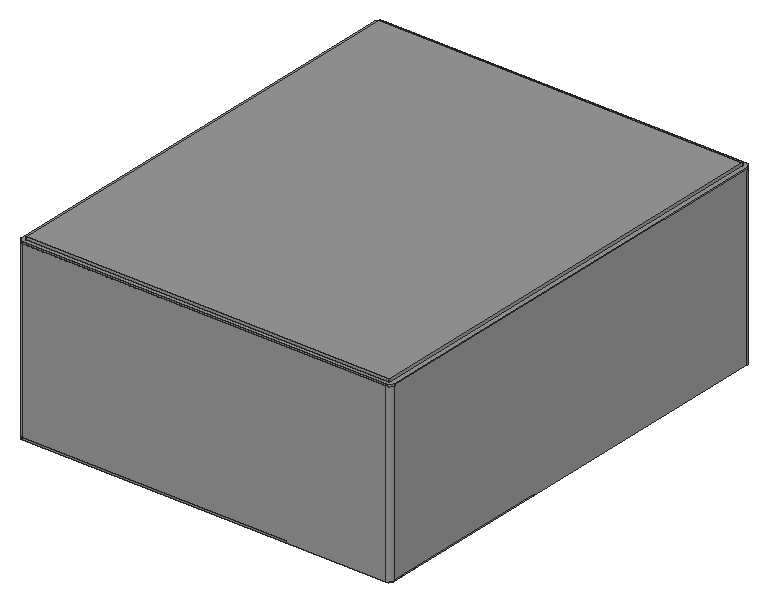
Revit family "Building-SurfaceMountingEnclosures-GEWISS-44CE-JUNCTION-BOXES-WALL-MOUNTING_HIGH_LID", category Apparecchi elettrici, host Superficie, Revit 2016
Family settings
  Host = Superficie
  Mantenere orientamento annotazione = Sì
  Tipo di parte = Normale
  Quota connettore circolare = Usa diametro
  Numero OmniClass = 23.80.30.14.24
  Titolo OmniClass = Junction Boxes
  Taglio con vuoti quando caricato = No
  Condiviso = No
  Punto di calcolo locali = Sì
Parameters (values of type "GW44441 - ENCLOSURE.W.TRASP.LID 460X380X180 IP56")
  distanza dal muro [instance] = 4.208 mm
  Walls = "Smooth"
  Voltaggio_x = 0 V
  Version file RFA = "18.0"
  VISTA DI PIANTA [instance] = yes
  URL = "https://www.gewiss.com/ww/en"
  Type of material = "Halogen-free in compliance with EN 60754-2"
  Torque screws tightening = "1,8NM"
  Thermo-pressure with ball = "110 °C"
  Technical sheet = "https://www.gewiss.com/ww/en/search?q=GW44441"
  Shock resistance = "IK08"
  SEO = "Box"
  Realized by GEWISS S.p.A. = ""
  Produttore = "GEWISS S.p.A."
  Operating temperature = "-25 +60 °C"
  Modello = "GW44441"
  Max Ã˜ holes possible = "48MM"
  Material = "Technopolymer GWPLAST 120"
  Lid screws (no. and type) = "6 insul. sealable hinged"
  Lid colour = "Transparent"
  Lid = "Deep screwed"
  Internal dim. LxHxD (mm) = "460x380x180"
  Insulation class = "II (according to IEC 61140 standards)"
  Immagine tipo = GW44441.jpg
  Scatola = GEWISS - Grigio RAL 7035
  SIMBOLO [instance] = yes
  IP degree = "IP56"
  IDT = "238c3f26-d7fd-486c-9f58-b8ff1378d212"
  IDF = "68665031-5035-41bd-8052-329dc6ddcf46"
  Glow Wire Test = "650°C"
  GEWISS SCHEDA TECNICA = "http://pro.gewiss.com/irj/servlet/prt/portal/prtroot/com.gewiss.catalog.search.ProductST2?codProd=GW44441"
  Electrocod = "0231"
  EAN code = "8011564014206"
  Distanza orizzontale simbolo [instance] = 128.45 mm
  Default Elevation = 1219.2 mm
  Lunghezza_interna = 380 mm
  Larghezza_interna = 460 mm
  Spessore = 180 mm
  Dettaglio = Eemento di dettaglio - 44CE : 460x380x120
  Descrizione = "ENCLOSURE.W.TRASP.LID 460X380X180 IP56"
  Coperchio = GEWISS COPERCHIO TRASPARENTE
  Colour = "Grey RAL 7035"
  Classificazione = Other
  Catalogue Range = "44 CE"
  Catalogue = "BUILDING"
  Carico apparente = 0 VA
  CORNICE SIMBOLO [instance] = yes
  COBie.Tagnumber = ""
  COBie.CreatedOn = ""
  COBie.CreatebBy = ""
  COBie.ComponentRegisterItemID = ""
  COBie.Component.TagNumber = ""
  COBie.Component.Space = ""
  COBie.Component.SerialNumber = ""
  COBie.Component.InstallationDate = ""
  COBie.Component.Description = ""
  COBie.Component.BarCode = ""
  Application = "Industrial uses"
  Accessories for insulation restoring = "GW44621"
Reference planes
  plane 1 "Centro (Fronte/Retro)": y = 0
  plane 2 "base muro": z = 0
  plane 3 "Centro (Sinistra/Destra)": x = 0
  plane 4: x = -191.081
  plane 5: y = 231.081
  plane 6: x = 191.081
  plane 7: y = -231.081
  plane 8: z = 1.5
  plane 9: y = 230
  plane 10: x = -190
  plane 11: y = -230
  plane 12: x = 190
  plane 13: y = 235.081
  plane 14: x = 195.081
  plane 15: y = -235.081
  plane 16: x = -195.081
  plane 17: z = 180
  plane 18: z = 184.056
  plane 19: x = -128.45
Forms (mm)
  Extrusion 1, solid, material "GEWISS - Grigio RAL 7035" <- "Scatola"
    sketch origin (0, 0, 0) x (1, 0, 0) y (0, 1, 0)
      loop
        arc (-185.934, 231.081) -> (-189.573, 229.573) -> (-191.081, 225.934) r 5.147
        line (-191.081, 225.934) -> (-191.081, -225.934)
        arc (-191.081, -225.934) -> (-189.573, -229.573) -> (-185.934, -231.081) r 5.147
        line (-185.934, -231.081) -> (185.934, -231.081)
        arc (185.934, -231.081) -> (189.573, -229.573) -> (191.081, -225.934) r 5.147
        line (191.081, -225.934) -> (191.081, 225.934)
        arc (191.081, 225.934) -> (189.573, 229.573) -> (185.934, 231.081) r 5.147
        line (185.934, 231.081) -> (-185.934, 231.081)
      loop
        arc (-185.934, 230) -> (-188.809, 228.809) -> (-190, 225.934) r 4.066
        line (-190, 225.934) -> (-190, -225.934)
        arc (-190, -225.934) -> (-188.809, -228.809) -> (-185.934, -230) r 4.066
        line (-185.934, -230) -> (185.936, -230)
        arc (185.936, -230) -> (188.81, -228.809) -> (190.001, -225.935) r 4.065
        line (190.001, -225.935) -> (190.001, 225.934)
        arc (190.001, 225.934) -> (188.81, 228.809) -> (185.934, 230) r 4.066
        line (185.934, 230) -> (-185.934, 230)
    from 0 to 180
  Extrusion 2, solid, material "GEWISS COPERCHIO TRASPARENTE" <- "Coperchio"
    sketch origin (0, 0, 0) x (1, 0, 0) y (0, 1, 0)
      loop
        line (-185.934, -231.081) -> (185.934, -231.081)
        arc (185.934, -231.081) -> (189.573, -229.573) -> (191.081, -225.934) r 5.147
        line (191.081, -225.934) -> (191.081, 225.934)
        arc (191.081, 225.934) -> (189.573, 229.573) -> (185.934, 231.081) r 5.147
        line (185.934, 231.081) -> (-185.934, 231.081)
        arc (-185.934, 231.081) -> (-189.573, 229.573) -> (-191.081, 225.934) r 5.147
        line (-191.081, 225.934) -> (-191.081, -225.934)
        arc (-191.081, -225.934) -> (-189.573, -229.573) -> (-185.934, -231.081) r 5.147
    from 0 to 1.5
  Extrusion 3, solid, material "GEWISS COPERCHIO TRASPARENTE" <- "Coperchio"
    sketch origin (0, 0, 0) x (1, 0, 0) y (0, 1, 0)
      loop
        arc (-185.934, 231.081) -> (-189.573, 229.573) -> (-191.081, 225.934) r 5.147
        line (-191.081, 225.934) -> (-191.081, -225.934)
        arc (-191.081, -225.934) -> (-189.573, -229.573) -> (-185.934, -231.081) r 5.147
        line (-185.934, -231.081) -> (185.934, -231.081)
        arc (185.934, -231.081) -> (189.573, -229.573) -> (191.081, -225.934) r 5.147
        line (191.081, -225.934) -> (191.081, 225.934)
        arc (191.081, 225.934) -> (189.573, 229.573) -> (185.934, 231.081) r 5.147
        line (185.934, 231.081) -> (-185.934, 231.081)
    from 180 to 184.056
  Sweep 4, void
    path in 3D
      loop
        line (-191.081, -225.934, 184.056) -> (-191.081, 225.934, 184.056)
        arc (-191.081, 225.934, 184.056) -> (-189.573, 229.573, 184.056) -> (-185.934, 231.081, 184.056) r 5.147
        line (-185.934, 231.081, 184.056) -> (185.934, 231.081, 184.056)
        arc (185.934, 231.081, 184.056) -> (189.573, 229.573, 184.056) -> (191.081, 225.934, 184.056) r 5.147
        line (191.081, 225.934, 184.056) -> (191.081, -225.934, 184.056)
        arc (191.081, -225.934, 184.056) -> (189.573, -229.573, 184.056) -> (185.934, -231.081, 184.056) r 5.147
        line (185.934, -231.081, 184.056) -> (-185.934, -231.081, 184.056)
        arc (-185.934, -231.081, 184.056) -> (-189.573, -229.573, 184.056) -> (-191.081, -225.934, 184.056) r 5.147
    profile origin (-189.573, -229.573, 184.056) x (-0.707107, -0.707107, 0) y (0, 0, 1)
      loop
        line (1.608, 0) -> (-4.763, 0) -> (-4.763, -2.556) -> (1.608, -2.556) -> (1.608, 0)
Cuts and joins
  Sweep 4 cuts Extrusion 1
  Sweep 4 cuts Extrusion 3
Lines and regions (mm)
  Masking region 1, visible <- "VISTA DI PIANTA"
    outline origin (0, 0, 0) x (1, 0, 0) y (0, 0, 1)
      loop
        line (-191.081, 184.056) -> (-191.081, 0) -> (191.081, 0) -> (191.081, 184.056) -> (-191.081, 184.056)
  Masking region 2
    outline origin (0, 0, 0) x (0, 1, 0) y (0, 0, 1)
      loop
        line (-231.081, 0) -> (231.081, 0) -> (231.081, 184.056) -> (-231.081, 184.056) -> (-231.081, 0)
  sketch lines
    curve 1: arc (-185.934, -231.081, 184.056) -> (-189.573, -229.573, 184.056) -> (-191.081, -225.934, 184.056) r 5.147
    curve 2: line (-185.934, -231.081, 184.056) -> (185.934, -231.081, 184.056)
    curve 3: line (-191.081, 225.934, 184.056) -> (-191.081, -225.934, 184.056)
    curve 4: arc (191.081, -225.934, 184.056) -> (189.573, -229.573, 184.056) -> (185.934, -231.081, 184.056) r 5.147
    curve 5: line (191.081, -225.934, 184.056) -> (191.081, 225.934, 184.056)
    curve 6: line (185.934, 231.081, 184.056) -> (-185.934, 231.081, 184.056)
    curve 7: arc (185.934, 231.081, 184.056) -> (189.573, 229.573, 184.056) -> (191.081, 225.934, 184.056) r 5.147
    curve 8: arc (-191.081, 225.934, 184.056) -> (-189.573, 229.573, 184.056) -> (-185.934, 231.081, 184.056) r 5.147
Dimensions and locks
  locked: plane 8 to plane 2 "base muro" at 1.5
  locked: plane 4 to plane 10 at 1.081
  locked: plane 5 to plane 9 at 1.081
  locked: plane 11 to plane 7 at 1.081
  locked: plane 12 to plane 6 at 1.081
  locked: plane 7 to plane 15 at 4
  locked: plane 16 to plane 4 at 4
  locked: plane 6 to plane 14 at 4
  locked: plane 13 to plane 5 at 4
  equal spacing: plane 10, plane 3 "Centro (Sinistra/Destra)", plane 12
  "Lunghezza_interna": plane 10 to plane 12
  equal spacing: plane 9, plane 1 "Centro (Fronte/Retro)", plane 11
  "Larghezza_interna": plane 9 to plane 11
  nested 1 to nested 1 = 397.073 mm
  "Spessore": plane 17 to plane 2 "base muro"
  locked: plane 18 to plane 17 at 4.056
  locked: Sweep 4 sketch curve to plane 17 at 1.5
  "Distanza orizzontale simbolo": plane 19 to plane 3 "Centro (Sinistra/Destra)"
  aligned and locked: plane 2 "base muro" to host face
  aligned and locked: level to host face
  aligned and locked: Extrusion 1 sketch curve to plane 5
  aligned and locked: Extrusion 1 sketch curve to plane 4
  aligned and locked: Extrusion 1 sketch curve to plane 7
  aligned and locked: Extrusion 1 sketch curve to plane 6
  aligned and locked: Extrusion 1 sketch curve to plane 9
  aligned and locked: Extrusion 1 sketch curve to plane 10
  aligned and locked: Extrusion 1 sketch curve to plane 11
  aligned and locked: Extrusion 2 sketch curve to plane 7
  aligned and locked: Extrusion 2 sketch curve to plane 4
  aligned and locked: Extrusion 2 sketch curve to plane 5
  aligned and locked: Extrusion 2 sketch curve to plane 6
  aligned and locked: Extrusion 2 to plane 2 "base muro"
  aligned and locked: plane 8 to Extrusion 2
  aligned and locked: plane 17 to Extrusion 1
  aligned and locked: Extrusion 1 to plane 2 "base muro"
  aligned and locked: Extrusion 3 sketch curve to plane 5
  aligned and locked: Extrusion 3 sketch curve to plane 4
  aligned and locked: Extrusion 3 sketch curve to plane 6
  aligned and locked: Extrusion 3 sketch curve to plane 7
  aligned and locked: Extrusion 3 to Extrusion 1
  aligned and locked: plane 18 to Extrusion 3
  aligned and locked: Masking region 1 sketch curve to plane 18
  aligned and locked: Masking region 1 sketch curve to plane 4
  aligned and locked: Masking region 1 sketch curve to Extrusion 2
  aligned and locked: Masking region 1 sketch curve to cut or joined group of Extrusion 1, Sweep 4
  aligned and locked: Masking region 2 sketch curve to Extrusion 2
  aligned and locked: Masking region 2 sketch curve to cut or joined group of Extrusion 1, Sweep 4
  aligned and locked: plane 18 to Masking region 2 sketch curve
  aligned and locked: plane 5 to Masking region 2 sketch curve
  aligned and locked: plane 19 to nested 2
Automatic sketch dimensions
  host sketch curve to host sketch curve = 2438.4 mm  (x2)
  Extrusion 1 sketch curve to plane 4 = 5.147 mm  (x2)
  plane 6 to Extrusion 1 sketch curve = 5.147 mm
  Extrusion 1 sketch curve to plane 5 = 5.147 mm
  Extrusion 1 sketch curve to Extrusion 1 sketch curve = 0 mm  (x2)
  Extrusion 1 sketch curve to Extrusion 1 sketch curve = 0.001 mm  (x2)
  Extrusion 1 sketch curve to plane 9 = 4.066 mm
  Extrusion 2 sketch curve to plane 9 = 4.066 mm  (x2)
  plane 11 to Extrusion 2 sketch curve = 4.066 mm  (x2)
  plane 11 to Extrusion 3 sketch curve = 4.066 mm  (x2)
  Extrusion 3 sketch curve to plane 9 = 4.066 mm  (x2)
  profile plane to Sweep 4 sketch curve = 0 mm
  profile plane to Sweep 4 sketch curve = 4.763 mm
  Sweep 4 sketch curve to profile plane = 1.608 mm
Nested families
  nested 1: "Eemento di dettaglio - 44CE" at (0, 0, 0), a setting <- "Dettaglio", type "460x380x120"
  nested 2: "CASSDERIVAZPAR" at (-128.45, 193.362, 0), BORDO ACCESO <- "CORNICE SIMBOLO", Distanza dal muro <- "distanza dal muro", SIMBOLO ACCESO <- "SIMBOLO", type "CASSETTA"
    with Distanza dal muro 4.208 mm, BORDO ACCESO yes
Connectors
  electrical at (0, 0, 1.5), driven by "Classificazione", driven by "Voltaggio_x", driven by "Carico apparente"
    settings: on Extrusion 2, index 1, voltage 0 V, apparent load 0 VA, apparent load phase1 0 VA, apparent load phase2 0 VA, apparent load phase3 0 VA, power factor 1, load classification "Other", number of poles 1, system type 31, power factor state 1, is connector primary yes, connector utility no, sub classification motor no, connector description ""
Definition of nested family "Eemento di dettaglio - 44CE"
  Parameters (values of type "100x100x50")
    460x380x120 = no
    380x300x120 = no
    300x220x120 = no
    240x190x90 = no
    190x140x70 = no
    150x110x70 = no
    120x80x50 = no
    100x100x50 = yes
  Types (8, lengths in mm): name | 460x380x120 | 380x300x120 | 300x220x120 | 240x190x90 | 190x140x70 | 150x110x70 | 120x80x50 | 100x100x50
    460x380x120 | yes | no | no | no | no | no | no | no
    380x300x120 | no | yes | no | no | no | no | no | no
    300x220x120 | no | no | yes | no | no | no | no | no
    240x190x90 | no | no | no | yes | no | no | no | no
    190x140x70 | no | no | no | no | yes | no | no | no
    150x110x70 | no | no | no | no | no | yes | no | no
    120x80x50 | no | no | no | no | no | no | yes | no
    100x100x50 | no | no | no | no | no | no | no | yes
  Reference planes
    plane 1 "Centro (Fronte/Retro)": y = 0
    plane 2: z = 0
    plane 3 "Centro (Sinistra/Destra)": x = 0
  Lines and regions (mm)
    detail lines, in view "Livello rif.", visible <- "100x100x50"
      curve 1: line (0, 60.141, 0) -> (0, -88.771, 0)
      curve 2: line (-63.445, 0, 0) -> (60.048, 0, 0)
      curve 7: arc (47.673, -51.15, 0) -> (52.489, -49.155, 0) -> (54.484, -44.339, 0) r 6.81
      curve 8: arc (-54.484, -44.339, 0) -> (-52.489, -49.155, 0) -> (-47.673, -51.15, 0) r 6.81
      curve 9: arc (54.484, 44.121, 0) -> (52.489, 48.937, 0) -> (47.673, 50.931, 0) r 6.81
      curve 10: arc (-47.673, 50.931, 0) -> (-52.489, 48.937, 0) -> (-54.484, 44.121, 0) r 6.81
      curve 31: line (-54.484, 44.121, 0) -> (-54.484, -44.339, 0)
      curve 32: line (-47.673, 50.931, 0) -> (47.673, 50.931, 0)
      curve 33: line (-47.673, -51.15, 0) -> (47.673, -51.15, 0)
      curve 34: line (54.484, 44.121, 0) -> (54.484, -44.339, 0)
      curve 355: line (0, 60.141, 0) -> (0, -88.771, 0)
      curve 356: line (-63.445, 0, 0) -> (60.048, 0, 0)
      curve 361: arc (47.673, -51.15, 0) -> (52.489, -49.155, 0) -> (54.484, -44.339, 0) r 6.81
      curve 362: arc (-54.484, -44.339, 0) -> (-52.489, -49.155, 0) -> (-47.673, -51.15, 0) r 6.81
      curve 363: arc (54.484, 44.121, 0) -> (52.489, 48.937, 0) -> (47.673, 50.931, 0) r 6.81
      curve 364: arc (-47.673, 50.931, 0) -> (-52.489, 48.937, 0) -> (-54.484, 44.121, 0) r 6.81
      curve 385: line (-54.484, 44.121, 0) -> (-54.484, -44.339, 0)
      curve 386: line (-47.673, 50.931, 0) -> (47.673, 50.931, 0)
      curve 387: line (-47.673, -51.15, 0) -> (47.673, -51.15, 0)
      curve 388: line (54.484, 44.121, 0) -> (54.484, -44.339, 0)
    detail lines, in view "Livello rif.", visible <- "100x100x50", detail levels medium+fine
      curve 3: circle (30.052, -30.718, 0) r 6.81 normal (0, 0, 1)
      curve 4: circle (30.052, 30.5, 0) r 6.81 normal (0, 0, 1)
      curve 5: circle (-30.052, -30.718, 0) r 6.81 normal (0, 0, 1)
      curve 6: circle (-30.052, 30.5, 0) r 6.81 normal (0, 0, 1)
      curve 11: circle (30.052, 30.5, 0) r 4 normal (0, 0, 1)
      curve 12: circle (-30.052, 30.5, 0) r 4 normal (0, 0, 1)
      curve 13: circle (-30.052, -30.718, 0) r 4 normal (0, 0, 1)
      curve 14: circle (30.052, -30.718, 0) r 4 normal (0, 0, 1)
      curve 15: line (23.242, -23.908, 0) -> (23.242, 23.69, 0)
      curve 16: line (23.242, 23.69, 0) -> (25.237, 25.684, 0)
      curve 17: line (25.237, -25.902, 0) -> (23.242, -23.908, 0)
      curve 18: line (23.242, -23.908, 0) -> (-23.242, -23.908, 0)
      curve 19: line (-23.242, -23.908, 0) -> (-25.237, -25.902, 0)
      curve 20: line (23.242, 23.69, 0) -> (-23.242, 23.69, 0)
      curve 21: line (-23.242, 23.69, 0) -> (-25.237, 25.684, 0)
      curve 22: line (-23.242, -30.718, 0) -> (23.242, -30.718, 0)
      curve 23: line (-30.052, -37.529, 0) -> (30.052, -37.529, 0)
      curve 24: line (-30.052, 37.31, 0) -> (30.052, 37.31, 0)
      curve 25: line (-23.242, 30.5, 0) -> (23.242, 30.5, 0)
      curve 26: line (36.863, 30.5, 0) -> (36.863, -30.718, 0)
      curve 27: line (30.052, 23.69, 0) -> (30.052, -23.908, 0)
      curve 28: line (-36.863, 30.5, 0) -> (-36.863, -30.718, 0)
      curve 29: line (-30.052, 23.69, 0) -> (-30.052, -23.908, 0)
      curve 30: line (-23.242, 23.69, 0) -> (-23.242, -23.908, 0)
      curve 357: circle (30.052, -30.718, 0) r 6.81 normal (0, 0, 1)
      curve 358: circle (30.052, 30.5, 0) r 6.81 normal (0, 0, 1)
      curve 359: circle (-30.052, -30.718, 0) r 6.81 normal (0, 0, 1)
      curve 360: circle (-30.052, 30.5, 0) r 6.81 normal (0, 0, 1)
      curve 365: circle (30.052, 30.5, 0) r 4 normal (0, 0, 1)
      curve 366: circle (-30.052, 30.5, 0) r 4 normal (0, 0, 1)
      curve 367: circle (-30.052, -30.718, 0) r 4 normal (0, 0, 1)
      curve 368: circle (30.052, -30.718, 0) r 4 normal (0, 0, 1)
      curve 369: line (23.242, -23.908, 0) -> (23.242, 23.69, 0)
      curve 370: line (23.242, 23.69, 0) -> (25.237, 25.684, 0)
      curve 371: line (25.237, -25.902, 0) -> (23.242, -23.908, 0)
      curve 372: line (23.242, -23.908, 0) -> (-23.242, -23.908, 0)
      curve 373: line (-23.242, -23.908, 0) -> (-25.237, -25.902, 0)
      curve 374: line (23.242, 23.69, 0) -> (-23.242, 23.69, 0)
      curve 375: line (-23.242, 23.69, 0) -> (-25.237, 25.684, 0)
      curve 376: line (-23.242, -30.718, 0) -> (23.242, -30.718, 0)
      curve 377: line (-30.052, -37.529, 0) -> (30.052, -37.529, 0)
      curve 378: line (-30.052, 37.31, 0) -> (30.052, 37.31, 0)
      curve 379: line (-23.242, 30.5, 0) -> (23.242, 30.5, 0)
      curve 380: line (36.863, 30.5, 0) -> (36.863, -30.718, 0)
      curve 381: line (30.052, 23.69, 0) -> (30.052, -23.908, 0)
      curve 382: line (-36.863, 30.5, 0) -> (-36.863, -30.718, 0)
      curve 383: line (-30.052, 23.69, 0) -> (-30.052, -23.908, 0)
      curve 384: line (-23.242, 23.69, 0) -> (-23.242, -23.908, 0)
    detail lines, in view "Livello rif.", visible <- "120x80x50"
      curve 35: line (0, 79.202, 0) -> (0, -69.71, 0)
      curve 36: line (-55.36, 0, 0) -> (68.133, 0, 0)
      curve 41: arc (33.758, -61.541, 0) -> (38.574, -59.546, 0) -> (40.569, -54.73, 0) r 6.81
      curve 42: arc (-46.399, -54.73, 0) -> (-44.404, -59.546, 0) -> (-39.589, -61.541, 0) r 6.81
      curve 43: arc (40.569, 54.73, 0) -> (38.574, 59.546, 0) -> (33.758, 61.541, 0) r 6.81
      curve 44: arc (-39.589, 61.541, 0) -> (-44.404, 59.546, 0) -> (-46.399, 54.73, 0) r 6.81
      curve 61: line (-46.399, 54.73, 0) -> (-46.399, -54.73, 0)
      curve 62: line (-39.589, 61.541, 0) -> (33.758, 61.541, 0)
      curve 63: line (-39.589, -61.541, 0) -> (33.758, -61.541, 0)
      curve 64: line (40.569, 54.73, 0) -> (40.569, -54.73, 0)
      curve 389: line (228.822, 77.497, 0) -> (228.822, -71.416, 0)
      curve 390: line (173.462, -1.705, 0) -> (296.955, -1.705, 0)
      curve 395: arc (262.58, -63.246, 0) -> (267.396, -61.251, 0) -> (269.391, -56.435, 0) r 6.81
      curve 396: arc (182.423, -56.435, 0) -> (184.418, -61.251, 0) -> (189.234, -63.246, 0) r 6.81
      curve 397: arc (269.391, 53.025, 0) -> (267.396, 57.841, 0) -> (262.58, 59.835, 0) r 6.81
      curve 398: arc (189.234, 59.835, 0) -> (184.418, 57.841, 0) -> (182.423, 53.025, 0) r 6.81
      curve 415: line (182.423, 53.025, 0) -> (182.423, -56.435, 0)
      curve 416: line (189.234, 59.835, 0) -> (262.58, 59.835, 0)
      curve 417: line (189.234, -63.246, 0) -> (262.58, -63.246, 0)
      curve 418: line (269.391, 53.025, 0) -> (269.391, -56.435, 0)
    detail lines, in view "Livello rif.", visible <- "120x80x50", detail levels medium+fine
      curve 37: circle (20.032, -41.109, 0) r 6.81 normal (0, 0, 1)
      curve 38: circle (20.032, 41.109, 0) r 6.81 normal (0, 0, 1)
      curve 39: circle (-21.968, -41.109, 0) r 6.81 normal (0, 0, 1)
      curve 40: circle (-21.968, 41.109, 0) r 6.81 normal (0, 0, 1)
      curve 45: line (15.217, -36.293, 0) -> (13.222, -34.299, 0)
      curve 46: line (13.222, -34.299, 0) -> (13.222, 34.299, 0)
      curve 47: line (13.222, 34.299, 0) -> (15.217, 36.293, 0)
      curve 48: line (13.222, -34.299, 0) -> (-15.157, -34.299, 0)
      curve 49: line (-15.157, -34.299, 0) -> (-17.152, -36.293, 0)
      curve 50: line (13.222, 34.299, 0) -> (-15.157, 34.299, 0)
      curve 51: line (-15.157, 34.299, 0) -> (-17.152, 36.293, 0)
      curve 52: line (-15.157, -41.109, 0) -> (13.222, -41.109, 0)
      curve 53: line (-21.968, -47.92, 0) -> (20.032, -47.92, 0)
      curve 54: line (-21.968, 47.92, 0) -> (20.032, 47.92, 0)
      curve 55: line (-15.157, 41.109, 0) -> (13.222, 41.109, 0)
      curve 56: line (26.843, 41.109, 0) -> (26.843, -41.109, 0)
      curve 57: line (20.032, 34.299, 0) -> (20.032, -34.299, 0)
      curve 58: line (-28.778, 41.109, 0) -> (-28.778, -41.109, 0)
      curve 59: line (-21.968, 34.299, 0) -> (-21.968, -34.299, 0)
      curve 60: line (-15.157, 34.299, 0) -> (-15.157, -34.299, 0)
      curve 65: circle (20.032, 41.109, 0) r 4 normal (0, 0, 1)
      curve 66: circle (-21.968, 41.109, 0) r 4 normal (0, 0, 1)
      curve 67: circle (-21.968, -41.109, 0) r 4 normal (0, 0, 1)
      curve 68: circle (20.032, -41.109, 0) r 4 normal (0, 0, 1)
      curve 391: circle (248.855, -42.814, 0) r 6.81 normal (0, 0, 1)
      curve 392: circle (248.855, 39.404, 0) r 6.81 normal (0, 0, 1)
      curve 393: circle (206.855, -42.814, 0) r 6.81 normal (0, 0, 1)
      curve 394: circle (206.855, 39.404, 0) r 6.81 normal (0, 0, 1)
      curve 399: line (244.039, -37.998, 0) -> (242.044, -36.004, 0)
      curve 400: line (242.044, -36.004, 0) -> (242.044, 32.594, 0)
      curve 401: line (242.044, 32.594, 0) -> (244.039, 34.588, 0)
      curve 402: line (242.044, -36.004, 0) -> (213.665, -36.004, 0)
      curve 403: line (213.665, -36.004, 0) -> (211.67, -37.998, 0)
      curve 404: line (242.044, 32.594, 0) -> (213.665, 32.594, 0)
      curve 405: line (213.665, 32.594, 0) -> (211.67, 34.588, 0)
      curve 406: line (213.665, -42.814, 0) -> (242.044, -42.814, 0)
      curve 407: line (206.855, -49.625, 0) -> (248.855, -49.625, 0)
      curve 408: line (206.855, 46.214, 0) -> (248.855, 46.214, 0)
      curve 409: line (213.665, 39.404, 0) -> (242.044, 39.404, 0)
      curve 410: line (255.665, 39.404, 0) -> (255.665, -42.814, 0)
      curve 411: line (248.855, 32.594, 0) -> (248.855, -36.004, 0)
      curve 412: line (200.044, 39.404, 0) -> (200.044, -42.814, 0)
      curve 413: line (206.855, 32.594, 0) -> (206.855, -36.004, 0)
      curve 414: line (213.665, 32.594, 0) -> (213.665, -36.004, 0)
      curve 419: circle (248.855, 39.404, 0) r 4 normal (0, 0, 1)
      curve 420: circle (206.855, 39.404, 0) r 4 normal (0, 0, 1)
      curve 421: circle (206.855, -42.814, 0) r 4 normal (0, 0, 1)
      curve 422: circle (248.855, -42.814, 0) r 4 normal (0, 0, 1)
    detail lines, in view "Livello rif.", visible <- "150x110x70", detail levels medium+fine
      curve 69: circle (36.632, -56.109, 0) r 6.81 normal (0, 0, 1)
      curve 70: circle (36.632, 56.109, 0) r 6.81 normal (0, 0, 1)
      curve 71: circle (-35.368, -56.109, 0) r 6.81 normal (0, 0, 1)
      curve 72: circle (-35.368, 56.109, 0) r 6.81 normal (0, 0, 1)
      curve 77: circle (36.632, 56.109, 0) r 4 normal (0, 0, 1)
      curve 78: circle (-35.368, 56.109, 0) r 4 normal (0, 0, 1)
      curve 79: circle (-35.368, -56.109, 0) r 4 normal (0, 0, 1)
      curve 80: circle (36.632, -56.109, 0) r 4 normal (0, 0, 1)
      curve 81: line (29.822, -49.299, 0) -> (29.822, 49.299, 0)
      curve 82: line (29.822, 49.299, 0) -> (31.816, 51.293, 0)
      curve 83: line (31.816, -51.293, 0) -> (29.822, -49.299, 0)
      curve 84: line (29.822, -49.299, 0) -> (-28.557, -49.299, 0)
      curve 85: line (-28.557, -49.299, 0) -> (-30.552, -51.293, 0)
      curve 86: line (29.822, 49.299, 0) -> (-28.557, 49.299, 0)
      curve 87: line (-28.557, 49.299, 0) -> (-30.552, 51.293, 0)
      curve 88: line (-28.557, -56.109, 0) -> (29.822, -56.109, 0)
      curve 89: line (-35.368, -62.92, 0) -> (36.632, -62.92, 0)
      curve 90: line (-35.368, 62.92, 0) -> (36.632, 62.92, 0)
      curve 91: line (-28.557, 56.109, 0) -> (29.822, 56.109, 0)
      curve 92: line (43.443, 56.109, 0) -> (43.443, -56.109, 0)
      curve 93: line (36.632, 49.299, 0) -> (36.632, -49.299, 0)
      curve 94: line (-42.178, 56.109, 0) -> (-42.178, -56.109, 0)
      curve 95: line (-35.368, 49.299, 0) -> (-35.368, -49.299, 0)
      curve 96: line (-28.557, 49.299, 0) -> (-28.557, -49.299, 0)
      curve 423: circle (471.48, -55.613, 0) r 6.81 normal (0, 0, 1)
      curve 424: circle (471.48, 56.606, 0) r 6.81 normal (0, 0, 1)
      curve 425: circle (399.48, -55.613, 0) r 6.81 normal (0, 0, 1)
      curve 426: circle (399.48, 56.606, 0) r 6.81 normal (0, 0, 1)
      curve 431: circle (471.48, 56.606, 0) r 4 normal (0, 0, 1)
      curve 432: circle (399.48, 56.606, 0) r 4 normal (0, 0, 1)
      curve 433: circle (399.48, -55.613, 0) r 4 normal (0, 0, 1)
      curve 434: circle (471.48, -55.613, 0) r 4 normal (0, 0, 1)
      curve 435: line (464.67, -48.802, 0) -> (464.67, 49.795, 0)
      curve 436: line (464.67, 49.795, 0) -> (466.664, 51.79, 0)
      curve 437: line (466.664, -50.797, 0) -> (464.67, -48.802, 0)
      curve 438: line (464.67, -48.802, 0) -> (406.291, -48.802, 0)
      curve 439: line (406.291, -48.802, 0) -> (404.296, -50.797, 0)
      curve 440: line (464.67, 49.795, 0) -> (406.291, 49.795, 0)
      curve 441: line (406.291, 49.795, 0) -> (404.296, 51.79, 0)
      curve 442: line (406.291, -55.613, 0) -> (464.67, -55.613, 0)
      curve 443: line (399.48, -62.423, 0) -> (471.48, -62.423, 0)
      curve 444: line (399.48, 63.416, 0) -> (471.48, 63.416, 0)
      curve 445: line (406.291, 56.606, 0) -> (464.67, 56.606, 0)
      curve 446: line (478.291, 56.606, 0) -> (478.291, -55.613, 0)
      curve 447: line (471.48, 49.795, 0) -> (471.48, -48.802, 0)
      curve 448: line (392.67, 56.606, 0) -> (392.67, -55.613, 0)
      curve 449: line (399.48, 49.795, 0) -> (399.48, -48.802, 0)
      curve 450: line (406.291, 49.795, 0) -> (406.291, -48.802, 0)
    detail lines, in view "Livello rif.", visible <- "150x110x70"
      curve 73: arc (50.358, -76.541, 0) -> (55.174, -74.546, 0) -> (57.168, -69.73, 0) r 6.81
      curve 74: arc (-59.799, -69.73, 0) -> (-57.805, -74.546, 0) -> (-52.989, -76.541, 0) r 6.81
      curve 75: arc (57.168, 69.73, 0) -> (55.174, 74.546, 0) -> (50.358, 76.541, 0) r 6.81
      curve 76: arc (-52.989, 76.541, 0) -> (-57.805, 74.546, 0) -> (-59.799, 69.73, 0) r 6.81
      curve 97: line (-59.799, 69.73, 0) -> (-59.799, -69.73, 0)
      curve 98: line (-52.989, 76.541, 0) -> (50.358, 76.541, 0)
      curve 99: line (-52.989, -76.541, 0) -> (50.358, -76.541, 0)
      curve 100: line (57.168, 69.73, 0) -> (57.168, -69.73, 0)
      curve 427: arc (485.206, -76.044, 0) -> (490.022, -74.049, 0) -> (492.016, -69.233, 0) r 6.81
      curve 428: arc (375.049, -69.233, 0) -> (377.043, -74.049, 0) -> (381.859, -76.044, 0) r 6.81
      curve 429: arc (492.016, 70.227, 0) -> (490.022, 75.042, 0) -> (485.206, 77.037, 0) r 6.81
      curve 430: arc (381.859, 77.037, 0) -> (377.043, 75.042, 0) -> (375.049, 70.227, 0) r 6.81
      curve 451: line (375.049, 70.227, 0) -> (375.049, -69.233, 0)
      curve 452: line (381.859, 77.037, 0) -> (485.206, 77.037, 0)
      curve 453: line (381.859, -76.044, 0) -> (485.206, -76.044, 0)
      curve 454: line (492.016, 70.227, 0) -> (492.016, -69.233, 0)
    detail lines, in view "Livello rif.", visible <- "190x140x70"
      curve 101: line (-109.941, 0, 0) -> (93.311, 0, 0)
      curve 102: arc (70.217, -97.061, 0) -> (75.809, -94.752, 0) -> (78.126, -89.163, 0) r 7.899
      curve 103: arc (-78.126, -89.163, 0) -> (-75.817, -94.744, 0) -> (-70.239, -97.061, 0) r 7.899
      curve 107: arc (-70.228, 100.939, 0) -> (-75.813, 98.625, 0) -> (-78.126, 93.04, 0) r 7.899
      curve 108: arc (78.126, 93.04, 0) -> (75.813, 98.625, 0) -> (70.228, 100.939, 0) r 7.899
      curve 116: line (-78.126, 93.04, 0) -> (-78.126, -89.163, 0)
      curve 127: line (78.126, 93.04, 0) -> (78.126, -89.163, 0)
      curve 128: line (-70.239, -97.061, 0) -> (70.217, -97.061, 0)
      curve 133: line (-70.228, 100.939, 0) -> (70.228, 100.939, 0)
      curve 455: line (594.421, -0.426, 0) -> (797.673, -0.426, 0)
      curve 456: arc (774.579, -97.487, 0) -> (780.171, -95.178, 0) -> (782.489, -89.589, 0) r 7.899
      curve 457: arc (626.236, -89.589, 0) -> (628.545, -95.17, 0) -> (634.123, -97.487, 0) r 7.899
      curve 461: arc (634.134, 100.513, 0) -> (628.549, 98.199, 0) -> (626.236, 92.614, 0) r 7.899
      curve 462: arc (782.489, 92.614, 0) -> (780.175, 98.199, 0) -> (774.59, 100.513, 0) r 7.899
      curve 470: line (626.236, 92.614, 0) -> (626.236, -89.589, 0)
      curve 481: line (782.489, 92.614, 0) -> (782.489, -89.589, 0)
      curve 482: line (634.123, -97.487, 0) -> (774.579, -97.487, 0)
      curve 487: line (634.134, 100.513, 0) -> (774.59, 100.513, 0)
    detail lines, in view "Livello rif.", visible <- "190x140x70", detail levels medium+fine
      curve 104: circle (49, -72, 0) r 7.899 normal (0, 0, 1)
      curve 105: circle (-49, -72, 0) r 7.899 normal (0, 0, 1)
      curve 106: circle (-49, 72, 0) r 7.899 normal (0, 0, 1)
      curve 109: circle (49, 72, 0) r 8 normal (0, 0, 1)
      curve 110: circle (49, 72, 0) r 4 normal (0, 0, 1)
      curve 111: circle (-49, 72, 0) r 4 normal (0, 0, 1)
      curve 112: circle (-49, -72, 0) r 4 normal (0, 0, 1)
      curve 113: circle (49, -72, 0) r 4 normal (0, 0, 1)
      curve 114: circle (-24.76, 0.024, 0) r 4 normal (0, 0, 1)
      curve 115: circle (-24.76, 0.024, 0) r 7.317 normal (0, 0, 1)
      curve 117: line (56.899, 70.73, 0) -> (56.899, -72, 0)
      curve 118: line (49, 64, 0) -> (49, -64.101, 0)
      curve 119: line (43.415, 66.415, 0) -> (41.101, 64.101, 0)
      curve 120: line (41.101, 64.101, 0) -> (41.101, -64.101, 0)
      curve 121: line (41.101, -64.101, 0) -> (43.415, -66.415, 0)
      curve 122: line (-56.899, 72, 0) -> (-56.899, -72, 0)
      curve 123: line (-49, 64.101, 0) -> (-49, -64.101, 0)
      curve 124: line (-43.415, 66.415, 0) -> (-41.101, 64.101, 0)
      curve 125: line (-41.101, 64.101, 0) -> (-41.101, -64.101, 0)
      curve 126: line (-41.101, -64.101, 0) -> (-43.415, -66.415, 0)
      curve 129: line (-41.101, -72, 0) -> (41.101, -72, 0)
      curve 130: line (-41.101, -64.101, 0) -> (41.101, -64.101, 0)
      curve 131: line (-41.101, 64.101, 0) -> (41.101, 64.101, 0)
      curve 132: line (-41.101, 72, 0) -> (41, 72, 0)
      curve 134: line (-51, 79.899, 0) -> (50.27, 79.899, 0)
      curve 135: line (-48.828, -79.897, 0) -> (49.172, -79.897, 0)
      curve 136: line (-41.101, -7.293, 0) -> (41.101, -7.293, 0)
      curve 137: line (-41.101, 7.341, 0) -> (41.101, 7.341, 0)
      curve 138: circle (24.76, 0.024, 0) r 7.317 normal (0, 0, 1)
      curve 139: circle (24.76, 0.024, 0) r 4 normal (0, 0, 1)
      curve 458: circle (753.362, -72.426, 0) r 7.899 normal (0, 0, 1)
      curve 459: circle (655.362, -72.426, 0) r 7.899 normal (0, 0, 1)
      curve 460: circle (655.362, 71.574, 0) r 7.899 normal (0, 0, 1)
      curve 463: circle (753.362, 71.574, 0) r 8 normal (0, 0, 1)
      curve 464: circle (753.362, 71.574, 0) r 4 normal (0, 0, 1)
      curve 465: circle (655.362, 71.574, 0) r 4 normal (0, 0, 1)
      curve 466: circle (655.362, -72.426, 0) r 4 normal (0, 0, 1)
      curve 467: circle (753.362, -72.426, 0) r 4 normal (0, 0, 1)
      curve 468: circle (679.602, -0.402, 0) r 4 normal (0, 0, 1)
      curve 469: circle (679.602, -0.402, 0) r 7.317 normal (0, 0, 1)
      curve 471: line (761.261, 70.304, 0) -> (761.261, -72.426, 0)
      curve 472: line (753.362, 63.574, 0) -> (753.362, -64.528, 0)
      curve 473: line (747.777, 65.989, 0) -> (745.464, 63.675, 0)
      curve 474: line (745.464, 63.675, 0) -> (745.464, -64.528, 0)
      curve 475: line (745.464, -64.528, 0) -> (747.777, -66.841, 0)
      curve 476: line (647.464, 71.574, 0) -> (647.464, -72.426, 0)
      curve 477: line (655.362, 63.675, 0) -> (655.362, -64.528, 0)
      curve 478: line (660.947, 65.989, 0) -> (663.261, 63.675, 0)
      curve 479: line (663.261, 63.675, 0) -> (663.261, -64.528, 0)
      curve 480: line (663.261, -64.528, 0) -> (660.947, -66.841, 0)
      curve 483: line (663.261, -72.426, 0) -> (745.464, -72.426, 0)
      curve 484: line (663.261, -64.528, 0) -> (745.464, -64.528, 0)
      curve 485: line (663.261, 63.675, 0) -> (745.464, 63.675, 0)
      curve 486: line (663.261, 71.574, 0) -> (745.362, 71.574, 0)
      curve 488: line (653.362, 79.472, 0) -> (754.632, 79.472, 0)
      curve 489: line (655.534, -80.323, 0) -> (753.534, -80.323, 0)
      curve 490: line (663.261, -7.719, 0) -> (745.464, -7.719, 0)
      curve 491: line (663.261, 6.915, 0) -> (745.464, 6.915, 0)
      curve 492: circle (729.123, -0.402, 0) r 7.317 normal (0, 0, 1)
      curve 493: circle (729.123, -0.402, 0) r 4 normal (0, 0, 1)
    detail lines, in view "Livello rif.", visible <- "240x190x90"
      curve 140: line (0, 152.832, 0) -> (0, -154.27, 0)
      curve 141: line (-129.492, 0, 0) -> (129.492, 0, 0)
      curve 142: arc (96.537, 113.781, 0) -> (93.679, 120.679, 0) -> (86.781, 123.537, 0) r 9.756
      curve 143: arc (-86.781, 123.537, 0) -> (-93.679, 120.679, 0) -> (-96.537, 113.781, 0) r 9.756
      curve 144: arc (86.781, -123.537, 0) -> (93.679, -120.679, 0) -> (96.537, -113.781, 0) r 9.756
      curve 145: arc (-96.537, -113.781, 0) -> (-93.679, -120.679, 0) -> (-86.781, -123.537, 0) r 9.756
      curve 158: line (-86.781, -123.537, 0) -> (86.781, -123.537, 0)
      curve 163: line (96.537, 113.781, 0) -> (96.537, -113.781, 0)
      curve 164: line (-96.537, 113.781, 0) -> (-96.537, -113.781, 0)
      curve 185: line (-86.781, 123.537, 0) -> (86.781, 123.537, 0)
      curve 494: line (1023.571, 153.648, 0) -> (1023.571, -153.454, 0)
      curve 495: line (894.079, 0.817, 0) -> (1153.063, 0.817, 0)
      curve 496: arc (1120.108, 114.597, 0) -> (1117.251, 121.496, 0) -> (1110.352, 124.353, 0) r 9.756
      curve 497: arc (936.791, 124.353, 0) -> (929.892, 121.496, 0) -> (927.035, 114.597, 0) r 9.756
      curve 498: arc (1110.352, -122.72, 0) -> (1117.251, -119.863, 0) -> (1120.108, -112.964, 0) r 9.756
      curve 499: arc (927.035, -112.964, 0) -> (929.892, -119.863, 0) -> (936.791, -122.72, 0) r 9.756
      curve 512: line (936.791, -122.72, 0) -> (1110.352, -122.72, 0)
      curve 517: line (1120.108, 114.597, 0) -> (1120.108, -112.964, 0)
      curve 518: line (927.035, 114.597, 0) -> (927.035, -112.964, 0)
      curve 539: line (936.791, 124.353, 0) -> (1110.352, 124.353, 0)
    detail lines, in view "Livello rif.", visible <- "240x190x90", detail levels medium+fine
      curve 146: circle (43.902, 0, 0) r 7.317 normal (0, 0, 1)
      curve 147: circle (-43.902, 0, 0) r 7.317 normal (0, 0, 1)
      curve 148: circle (-70, -97, 0) r 3.71 normal (0, 0, 1)
      curve 149: circle (-70, -97, 0) r 9.757 normal (0, 0, 1)
      curve 150: circle (70, -97, 0) r 9.757 normal (0, 0, 1)
      curve 151: circle (70, -97, 0) r 3.71 normal (0, 0, 1)
      curve 152: circle (43.902, 0, 0) r 4.202 normal (0, 0, 1)
      curve 153: circle (-70, 97, 0) r 3.71 normal (0, 0, 1)
      curve 154: circle (-70, 97, 0) r 9.757 normal (0, 0, 1)
      curve 155: circle (70, 97, 0) r 9.757 normal (0, 0, 1)
      curve 156: circle (70, 97, 0) r 3.71 normal (0, 0, 1)
      curve 157: circle (-43.902, 0, 0) r 4 normal (0, 0, 1)
      curve 159: line (-79.757, 97.013, 0) -> (-79.757, 0, 0)
      curve 160: line (-79.757, 0, 0) -> (-79.757, -97.013, 0)
      curve 161: line (79.757, 97, 0) -> (79.757, 0, 0)
      curve 162: line (79.757, 0, 0) -> (79.757, -97, 0)
      curve 165: line (70, -106.757, 0) -> (-70, -106.757, 0)
      curve 166: line (-60.243, -97, 0) -> (60.243, -97, 0)
      curve 167: line (60.243, -97, 0) -> (0, -97, 0)
      curve 168: line (0, -97, 0) -> (-60.243, -97, 0)
      curve 169: line (70.73, -87.243, 0) -> (69.987, -87.243, 0)
      curve 170: line (69.987, -87.243, 0) -> (69.987, 0, 0)
      curve 171: line (69.987, 0, 0) -> (69.987, 87.243, 0)
      curve 172: line (69.987, 87.243, 0) -> (70.73, 87.243, 0)
      curve 173: line (-70.73, -87.243, 0) -> (-69.987, -87.243, 0)
      curve 174: line (-69.987, -87.243, 0) -> (-69.987, 0, 0)
      curve 175: line (-69.987, 0, 0) -> (-69.987, 87.243, 0)
      curve 176: line (-69.987, 87.243, 0) -> (-70.73, 87.243, 0)
      curve 177: line (-63.101, 90.101, 0) -> (-60.243, 87.243, 0)
      curve 178: line (-60.243, 87.243, 0) -> (-60.243, 0, 0)
      curve 179: line (-60.243, 0, 0) -> (-60.243, -87.243, 0)
      curve 180: line (-60.243, -87.243, 0) -> (-63.101, -90.101, 0)
      curve 181: line (-60.243, -7.317, 0) -> (60.243, -7.317, 0)
      curve 182: line (-60.243, 7.317, 0) -> (60.243, 7.317, 0)
      curve 183: line (70, 106.757, 0) -> (0, 106.757, 0)
      curve 184: line (0, 106.757, 0) -> (-70, 106.757, 0)
      curve 186: line (60.243, 97, 0) -> (0, 97, 0)
      curve 187: line (0, 97, 0) -> (-60.243, 97, 0)
      curve 188: line (63.101, -90.101, 0) -> (60.243, -87.243, 0)
      curve 189: line (60.243, -87.243, 0) -> (60.243, 0, 0)
      curve 190: line (60.243, 0, 0) -> (60.243, 87.243, 0)
      curve 191: line (60.243, 87.243, 0) -> (63.101, 90.101, 0)
      curve 192: line (60.243, -87.243, 0) -> (0, -87.243, 0)
      curve 193: line (0, -87.243, 0) -> (-60.243, -87.243, 0)
      curve 194: line (-60.243, 87.243, 0) -> (0, 87.243, 0)
      curve 195: line (0, 87.243, 0) -> (60.243, 87.243, 0)
      curve 500: circle (1067.473, 0.817, 0) r 7.317 normal (0, 0, 1)
      curve 501: circle (979.669, 0.817, 0) r 7.317 normal (0, 0, 1)
      curve 502: circle (953.571, -96.183, 0) r 3.71 normal (0, 0, 1)
      curve 503: circle (953.571, -96.183, 0) r 9.757 normal (0, 0, 1)
      curve 504: circle (1093.571, -96.183, 0) r 9.757 normal (0, 0, 1)
      curve 505: circle (1093.571, -96.183, 0) r 3.71 normal (0, 0, 1)
      curve 506: circle (1067.473, 0.817, 0) r 4.202 normal (0, 0, 1)
      curve 507: circle (953.571, 97.817, 0) r 3.71 normal (0, 0, 1)
      curve 508: circle (953.571, 97.817, 0) r 9.757 normal (0, 0, 1)
      curve 509: circle (1093.571, 97.817, 0) r 9.757 normal (0, 0, 1)
      curve 510: circle (1093.571, 97.817, 0) r 3.71 normal (0, 0, 1)
      curve 511: circle (979.669, 0.817, 0) r 4 normal (0, 0, 1)
      curve 513: line (943.814, 97.83, 0) -> (943.814, 0.817, 0)
      curve 514: line (943.814, 0.817, 0) -> (943.814, -96.196, 0)
      curve 515: line (1103.328, 97.817, 0) -> (1103.328, 0.817, 0)
      curve 516: line (1103.328, 0.817, 0) -> (1103.328, -96.183, 0)
      curve 519: line (1093.571, -105.94, 0) -> (953.571, -105.94, 0)
      curve 520: line (963.328, -96.183, 0) -> (1083.814, -96.183, 0)
      curve 521: line (1083.814, -96.183, 0) -> (1023.571, -96.183, 0)
      curve 522: line (1023.571, -96.183, 0) -> (963.328, -96.183, 0)
      curve 523: line (1094.301, -86.427, 0) -> (1093.558, -86.427, 0)
      curve 524: line (1093.558, -86.427, 0) -> (1093.558, 0.817, 0)
      curve 525: line (1093.558, 0.817, 0) -> (1093.558, 88.06, 0)
      curve 526: line (1093.558, 88.06, 0) -> (1094.301, 88.06, 0)
      curve 527: line (952.842, -86.427, 0) -> (953.584, -86.427, 0)
      curve 528: line (953.584, -86.427, 0) -> (953.584, 0.817, 0)
      curve 529: line (953.584, 0.817, 0) -> (953.584, 88.06, 0)
      curve 530: line (953.584, 88.06, 0) -> (952.842, 88.06, 0)
      curve 531: line (960.47, 90.917, 0) -> (963.328, 88.06, 0)
      curve 532: line (963.328, 88.06, 0) -> (963.328, 0.817, 0)
      curve 533: line (963.328, 0.817, 0) -> (963.328, -86.427, 0)
      curve 534: line (963.328, -86.427, 0) -> (960.47, -89.284, 0)
      curve 535: line (963.328, -6.5, 0) -> (1083.814, -6.5, 0)
      curve 536: line (963.328, 8.134, 0) -> (1083.814, 8.134, 0)
      curve 537: line (1093.571, 107.573, 0) -> (1023.571, 107.573, 0)
      curve 538: line (1023.571, 107.573, 0) -> (953.571, 107.573, 0)
      curve 540: line (1083.814, 97.817, 0) -> (1023.571, 97.817, 0)
      curve 541: line (1023.571, 97.817, 0) -> (963.328, 97.817, 0)
      curve 542: line (1086.672, -89.284, 0) -> (1083.814, -86.427, 0)
      curve 543: line (1083.814, -86.427, 0) -> (1083.814, 0.817, 0)
      curve 544: line (1083.814, 0.817, 0) -> (1083.814, 88.06, 0)
      curve 545: line (1083.814, 88.06, 0) -> (1086.672, 90.917, 0)
      curve 546: line (1083.814, -86.427, 0) -> (1023.571, -86.427, 0)
      curve 547: line (1023.571, -86.427, 0) -> (963.328, -86.427, 0)
      curve 548: line (963.328, 88.06, 0) -> (1023.571, 88.06, 0)
      curve 549: line (1023.571, 88.06, 0) -> (1083.814, 88.06, 0)
    detail lines, in view "Livello rif.", visible <- "300x220x120"
      curve 196: line (-152.179, 0, 0) -> (148.275, 0, 0)
      curve 197: line (0, 253.828, 0) -> (0, -193.295, 0)
      curve 198: arc (118.537, 143.781, 0) -> (115.679, 150.679, 0) -> (108.781, 153.537, 0) r 9.756
      curve 199: arc (-108.781, 153.537, 0) -> (-115.679, 150.679, 0) -> (-118.537, 143.781, 0) r 9.756
      curve 200: arc (108.781, -153.537, 0) -> (115.679, -150.679, 0) -> (118.537, -143.781, 0) r 9.756
      curve 201: arc (-118.537, -143.781, 0) -> (-115.679, -150.679, 0) -> (-108.781, -153.537, 0) r 9.756
      curve 214: line (-108.781, -153.537, 0) -> (108.781, -153.537, 0)
      curve 215: line (118.537, 143.781, 0) -> (118.537, -143.781, 0)
      curve 216: line (-118.537, 143.781, 0) -> (-118.537, -143.781, 0)
      curve 236: line (-108.781, 153.537, 0) -> (108.781, 153.537, 0)
      curve 550: line (1281.368, 8.479, 0) -> (1581.822, 8.479, 0)
      curve 551: line (1433.547, 262.307, 0) -> (1433.547, -184.816, 0)
      curve 552: arc (1552.083, 152.259, 0) -> (1549.226, 159.158, 0) -> (1542.327, 162.015, 0) r 9.756
      curve 553: arc (1324.766, 162.015, 0) -> (1317.868, 159.158, 0) -> (1315.01, 152.259, 0) r 9.756
      curve 554: arc (1542.327, -145.058, 0) -> (1549.226, -142.201, 0) -> (1552.083, -135.302, 0) r 9.756
      curve 555: arc (1315.01, -135.302, 0) -> (1317.868, -142.201, 0) -> (1324.766, -145.058, 0) r 9.756
      curve 568: line (1324.766, -145.058, 0) -> (1542.327, -145.058, 0)
      curve 569: line (1552.083, 152.259, 0) -> (1552.083, -135.302, 0)
      curve 570: line (1315.01, 152.259, 0) -> (1315.01, -135.302, 0)
      curve 590: line (1324.766, 162.015, 0) -> (1542.327, 162.015, 0)
    detail lines, in view "Livello rif.", visible <- "300x220x120", detail levels medium+fine
      curve 202: circle (58.902, 0, 0) r 7.317 normal (0, 0, 1)
      curve 203: circle (-58.902, 0, 0) r 7.317 normal (0, 0, 1)
      curve 204: circle (-85, -125.001, 0) r 3.71 normal (0, 0, 1)
      curve 205: circle (-85, -125.001, 0) r 9.757 normal (0, 0, 1)
      curve 206: circle (85, -125.001, 0) r 9.757 normal (0, 0, 1)
      curve 207: circle (85, -125.001, 0) r 3.71 normal (0, 0, 1)
      curve 208: circle (58.902, 0, 0) r 4.202 normal (0, 0, 1)
      curve 209: circle (-58.902, 0, 0) r 4 normal (0, 0, 1)
      curve 210: circle (-85, 125.001, 0) r 3.71 normal (0, 0, 1)
      curve 211: circle (-85, 125.001, 0) r 9.757 normal (0, 0, 1)
      curve 212: circle (85, 125.001, 0) r 9.757 normal (0, 0, 1)
      curve 213: circle (85, 125.001, 0) r 3.71 normal (0, 0, 1)
      curve 217: line (94.757, -125.001, 0) -> (94.757, 0, 0)
      curve 218: line (94.757, 0, 0) -> (94.757, 125.001, 0)
      curve 219: line (-94.757, -124.988, 0) -> (-94.757, 0, 0)
      curve 220: line (-94.757, 0, 0) -> (-94.757, 124.988, 0)
      curve 221: line (78.101, -118.102, 0) -> (75.243, -115.244, 0)
      curve 222: line (75.243, -115.244, 0) -> (75.243, 0, 0)
      curve 223: line (75.243, 0, 0) -> (75.243, 115.244, 0)
      curve 224: line (85, -134.758, 0) -> (-85, -134.758, 0)
      curve 225: line (-60.243, -125.001, 0) -> (0, -125.001, 0)
      curve 226: line (-85.73, -115.244, 0) -> (-84.987, -115.244, 0)
      curve 227: line (-84.987, -115.244, 0) -> (-84.987, 0, 0)
      curve 228: line (-84.987, 0, 0) -> (-84.987, 115.244, 0)
      curve 229: line (-84.987, 115.244, 0) -> (-85.73, 115.244, 0)
      curve 230: line (-78.101, 118.102, 0) -> (-75.243, 115.244, 0)
      curve 231: line (-75.243, 115.244, 0) -> (-75.243, 0, 0)
      curve 232: line (-75.243, 0, 0) -> (-75.243, -115.244, 0)
      curve 233: line (-75.243, -115.244, 0) -> (-78.101, -118.102, 0)
      curve 234: line (-75.243, -7.317, 0) -> (75.243, -7.317, 0)
      curve 235: line (-75.243, 7.317, 0) -> (75.243, 7.317, 0)
      curve 237: line (85, -115.244, 0) -> (85, 0, 0)
      curve 238: line (85, 0, 0) -> (85, 115.244, 0)
      curve 239: line (75.243, -115.244, 0) -> (0, -115.244, 0)
      curve 240: line (0, -115.244, 0) -> (-75.243, -115.244, 0)
      curve 241: line (75.243, -125.001, 0) -> (-75.243, -125.001, 0)
      curve 242: line (78.101, 118.102, 0) -> (75.243, 115.244, 0)
      curve 243: line (75.243, 115.244, 0) -> (0, 115.244, 0)
      curve 244: line (0, 115.244, 0) -> (-75.243, 115.244, 0)
      curve 245: line (85, 134.758, 0) -> (-85, 134.758, 0)
      curve 246: line (75.243, 125.001, 0) -> (-75.243, 125.001, 0)
      curve 247: line (-60.243, 125.001, 0) -> (0, 125.001, 0)
      curve 556: circle (1492.449, 8.479, 0) r 7.317 normal (0, 0, 1)
      curve 557: circle (1374.645, 8.479, 0) r 7.317 normal (0, 0, 1)
      curve 558: circle (1348.547, -116.522, 0) r 3.71 normal (0, 0, 1)
      curve 559: circle (1348.547, -116.522, 0) r 9.757 normal (0, 0, 1)
      curve 560: circle (1518.547, -116.522, 0) r 9.757 normal (0, 0, 1)
      curve 561: circle (1518.547, -116.522, 0) r 3.71 normal (0, 0, 1)
      curve 562: circle (1492.449, 8.479, 0) r 4.202 normal (0, 0, 1)
      curve 563: circle (1374.645, 8.479, 0) r 4 normal (0, 0, 1)
      curve 564: circle (1348.547, 133.48, 0) r 3.71 normal (0, 0, 1)
      curve 565: circle (1348.547, 133.48, 0) r 9.757 normal (0, 0, 1)
      curve 566: circle (1518.547, 133.48, 0) r 9.757 normal (0, 0, 1)
      curve 567: circle (1518.547, 133.48, 0) r 3.71 normal (0, 0, 1)
      curve 571: line (1528.304, -116.522, 0) -> (1528.304, 8.479, 0)
      curve 572: line (1528.304, 8.479, 0) -> (1528.304, 133.48, 0)
      curve 573: line (1338.79, -116.509, 0) -> (1338.79, 8.479, 0)
      curve 574: line (1338.79, 8.479, 0) -> (1338.79, 133.467, 0)
      curve 575: line (1511.648, -109.623, 0) -> (1508.79, -106.766, 0)
      curve 576: line (1508.79, -106.766, 0) -> (1508.79, 8.479, 0)
      curve 577: line (1508.79, 8.479, 0) -> (1508.79, 123.723, 0)
      curve 578: line (1518.547, -126.279, 0) -> (1348.547, -126.279, 0)
      curve 579: line (1373.304, -116.522, 0) -> (1433.547, -116.522, 0)
      curve 580: line (1347.817, -106.766, 0) -> (1348.56, -106.766, 0)
      curve 581: line (1348.56, -106.766, 0) -> (1348.56, 8.479, 0)
      curve 582: line (1348.56, 8.479, 0) -> (1348.56, 123.723, 0)
      curve 583: line (1348.56, 123.723, 0) -> (1347.817, 123.723, 0)
      curve 584: line (1355.446, 126.581, 0) -> (1358.304, 123.723, 0)
      curve 585: line (1358.304, 123.723, 0) -> (1358.304, 8.479, 0)
      curve 586: line (1358.304, 8.479, 0) -> (1358.304, -106.766, 0)
      curve 587: line (1358.304, -106.766, 0) -> (1355.446, -109.623, 0)
      curve 588: line (1358.304, 1.162, 0) -> (1508.79, 1.162, 0)
      curve 589: line (1358.304, 15.796, 0) -> (1508.79, 15.796, 0)
      curve 591: line (1518.547, -106.766, 0) -> (1518.547, 8.479, 0)
      curve 592: line (1518.547, 8.479, 0) -> (1518.547, 123.723, 0)
      curve 593: line (1508.79, -106.766, 0) -> (1433.547, -106.766, 0)
      curve 594: line (1433.547, -106.766, 0) -> (1358.304, -106.766, 0)
      curve 595: line (1508.79, -116.522, 0) -> (1358.304, -116.522, 0)
      curve 596: line (1511.648, 126.581, 0) -> (1508.79, 123.723, 0)
      curve 597: line (1508.79, 123.723, 0) -> (1433.547, 123.723, 0)
      curve 598: line (1433.547, 123.723, 0) -> (1358.304, 123.723, 0)
      curve 599: line (1518.547, 143.237, 0) -> (1348.547, 143.237, 0)
      curve 600: line (1508.79, 133.48, 0) -> (1358.304, 133.48, 0)
      curve 601: line (1373.304, 133.48, 0) -> (1433.547, 133.48, 0)
    detail lines, in view "Livello rif.", visible <- "460x380x120", detail levels medium+fine
      curve 248: line (-269.154, 0, 0) -> (327.072, 0, 0)
      curve 249: line (0, 253.828, 0) -> (0, -235.211, 0)
      curve 254: circle (128.902, 0, 0) r 7.317 normal (0, 0, 1)
      curve 255: circle (-128.902, 0, 0) r 7.317 normal (0, 0, 1)
      curve 256: circle (-155, -194.317, 0) r 3.71 normal (0, 0, 1)
      curve 257: circle (-155, -194.317, 0) r 9.757 normal (0, 0, 1)
      curve 258: circle (155, -194.317, 0) r 9.757 normal (0, 0, 1)
      curve 259: circle (155, -194.317, 0) r 3.71 normal (0, 0, 1)
      curve 260: circle (128.902, 0, 0) r 4.202 normal (0, 0, 1)
      curve 261: circle (-128.902, 0, 0) r 4 normal (0, 0, 1)
      curve 262: circle (-155, 194.317, 0) r 3.71 normal (0, 0, 1)
      curve 263: circle (-155, 194.317, 0) r 9.757 normal (0, 0, 1)
      curve 264: circle (155, 194.317, 0) r 3.71 normal (0, 0, 1)
      curve 265: circle (155, 194.317, 0) r 9.757 normal (0, 0, 1)
      curve 269: line (164.757, -194.317, 0) -> (164.757, 0, 0)
      curve 270: line (164.757, 0, 0) -> (164.757, 194.317, 0)
      curve 271: line (-164.757, -194.304, 0) -> (-164.757, 0, 0)
      curve 272: line (-164.757, 0, 0) -> (-164.757, 194.304, 0)
      curve 273: line (148.101, -187.418, 0) -> (145.243, -184.56, 0)
      curve 274: line (145.243, -184.56, 0) -> (145.243, 0, 0)
      curve 275: line (145.243, 0, 0) -> (145.243, 184.56, 0)
      curve 276: line (155, -204.074, 0) -> (-155, -204.074, 0)
      curve 277: line (60.243, -194.317, 0) -> (0, -194.317, 0)
      curve 278: line (0, -194.317, 0) -> (-60.243, -194.317, 0)
      curve 279: line (-145.243, 184.56, 0) -> (-145.243, 0, 0)
      curve 280: line (-145.243, 0, 0) -> (-145.243, -184.56, 0)
      curve 281: line (-145.243, -184.56, 0) -> (-148.101, -187.418, 0)
      curve 282: line (-145.243, -7.317, 0) -> (145.243, -7.317, 0)
      curve 283: line (-145.243, 7.317, 0) -> (145.243, 7.317, 0)
      curve 285: line (155, -184.56, 0) -> (155, 0, 0)
      curve 286: line (155, 0, 0) -> (155, 184.56, 0)
      curve 287: line (145.243, -184.56, 0) -> (0, -184.56, 0)
      curve 288: line (0, -184.56, 0) -> (-145.243, -184.56, 0)
      curve 289: line (145.243, -194.317, 0) -> (-145.243, -194.317, 0)
      curve 290: line (155, 204.074, 0) -> (-155, 204.074, 0)
      curve 291: line (145.243, 194.317, 0) -> (-145.243, 194.317, 0)
      curve 292: line (-148.101, 187.418, 0) -> (-145.243, 184.56, 0)
      curve 293: line (-145.243, 184.56, 0) -> (0, 184.56, 0)
      curve 294: line (0, 184.56, 0) -> (145.243, 184.56, 0)
      curve 295: line (145.243, 184.56, 0) -> (148.101, 187.418, 0)
      curve 296: line (-155.73, 184.56, 0) -> (-154.987, 184.56, 0)
      curve 297: line (-154.987, 184.56, 0) -> (-154.987, 0, 0)
      curve 298: line (-154.987, 0, 0) -> (-154.987, -184.56, 0)
      curve 299: line (-154.987, -184.56, 0) -> (-155.73, -184.56, 0)
      curve 657: line (2462.873, 15.574, 0) -> (3059.1, 15.574, 0)
      curve 658: line (2732.027, 269.402, 0) -> (2732.027, -219.637, 0)
      curve 663: circle (2860.929, 15.574, 0) r 7.317 normal (0, 0, 1)
      curve 664: circle (2603.125, 15.574, 0) r 7.317 normal (0, 0, 1)
      curve 665: circle (2577.027, -178.743, 0) r 3.71 normal (0, 0, 1)
      curve 666: circle (2577.027, -178.743, 0) r 9.757 normal (0, 0, 1)
      curve 667: circle (2887.027, -178.743, 0) r 9.757 normal (0, 0, 1)
      curve 668: circle (2887.027, -178.743, 0) r 3.71 normal (0, 0, 1)
      curve 669: circle (2860.929, 15.574, 0) r 4.202 normal (0, 0, 1)
      curve 670: circle (2603.125, 15.574, 0) r 4 normal (0, 0, 1)
      curve 671: circle (2577.027, 209.891, 0) r 3.71 normal (0, 0, 1)
      curve 672: circle (2577.027, 209.891, 0) r 9.757 normal (0, 0, 1)
      curve 673: circle (2887.027, 209.891, 0) r 3.71 normal (0, 0, 1)
      curve 674: circle (2887.027, 209.891, 0) r 9.757 normal (0, 0, 1)
      curve 678: line (2896.784, -178.743, 0) -> (2896.784, 15.574, 0)
      curve 679: line (2896.784, 15.574, 0) -> (2896.784, 209.891, 0)
      curve 680: line (2567.271, -178.73, 0) -> (2567.271, 15.574, 0)
      curve 681: line (2567.271, 15.574, 0) -> (2567.271, 209.878, 0)
      curve 682: line (2880.128, -171.844, 0) -> (2877.27, -168.986, 0)
      curve 683: line (2877.27, -168.986, 0) -> (2877.27, 15.574, 0)
      curve 684: line (2877.27, 15.574, 0) -> (2877.27, 200.135, 0)
      curve 685: line (2887.027, -188.5, 0) -> (2577.027, -188.5, 0)
      curve 686: line (2792.27, -178.743, 0) -> (2732.027, -178.743, 0)
      curve 687: line (2732.027, -178.743, 0) -> (2671.784, -178.743, 0)
      curve 688: line (2586.784, 200.135, 0) -> (2586.784, 15.574, 0)
      curve 689: line (2586.784, 15.574, 0) -> (2586.784, -168.986, 0)
      curve 690: line (2586.784, -168.986, 0) -> (2583.926, -171.844, 0)
      curve 691: line (2586.784, 8.257, 0) -> (2877.27, 8.257, 0)
      curve 692: line (2586.784, 22.891, 0) -> (2877.27, 22.891, 0)
      curve 694: line (2887.027, -168.986, 0) -> (2887.027, 15.574, 0)
      curve 695: line (2887.027, 15.574, 0) -> (2887.027, 200.135, 0)
      curve 696: line (2877.27, -168.986, 0) -> (2732.027, -168.986, 0)
      curve 697: line (2732.027, -168.986, 0) -> (2586.784, -168.986, 0)
      curve 698: line (2877.27, -178.743, 0) -> (2586.784, -178.743, 0)
      curve 699: line (2887.027, 219.648, 0) -> (2577.027, 219.648, 0)
      curve 700: line (2877.27, 209.891, 0) -> (2586.784, 209.891, 0)
      curve 701: line (2583.926, 202.992, 0) -> (2586.784, 200.135, 0)
      curve 702: line (2586.784, 200.135, 0) -> (2732.027, 200.135, 0)
      curve 703: line (2732.027, 200.135, 0) -> (2877.27, 200.135, 0)
      curve 704: line (2877.27, 200.135, 0) -> (2880.128, 202.992, 0)
      curve 705: line (2576.298, 200.135, 0) -> (2577.04, 200.135, 0)
      curve 706: line (2577.04, 200.135, 0) -> (2577.04, 15.574, 0)
      curve 707: line (2577.04, 15.574, 0) -> (2577.04, -168.986, 0)
      curve 708: line (2577.04, -168.986, 0) -> (2576.298, -168.986, 0)
      curve 713: circle (128.902, 0, 0) r 7.317 normal (0, 0, 1)
      curve 714: circle (-128.902, 0, 0) r 7.317 normal (0, 0, 1)
      curve 715: circle (-155, -194.317, 0) r 3.71 normal (0, 0, 1)
      curve 716: circle (-155, -194.317, 0) r 9.757 normal (0, 0, 1)
      curve 717: circle (155, -194.317, 0) r 9.757 normal (0, 0, 1)
      curve 718: circle (155, -194.317, 0) r 3.71 normal (0, 0, 1)
      curve 719: circle (128.902, 0, 0) r 4.202 normal (0, 0, 1)
      curve 720: circle (-128.902, 0, 0) r 4 normal (0, 0, 1)
      curve 721: circle (-155, 194.317, 0) r 3.71 normal (0, 0, 1)
      curve 722: circle (-155, 194.317, 0) r 9.757 normal (0, 0, 1)
      curve 723: circle (155, 194.317, 0) r 3.71 normal (0, 0, 1)
      curve 724: circle (155, 194.317, 0) r 9.757 normal (0, 0, 1)
      curve 728: line (164.757, -194.317, 0) -> (164.757, 0, 0)
      curve 729: line (164.757, 0, 0) -> (164.757, 194.317, 0)
      curve 730: line (-164.757, -194.304, 0) -> (-164.757, 0, 0)
      curve 731: line (-164.757, 0, 0) -> (-164.757, 194.304, 0)
